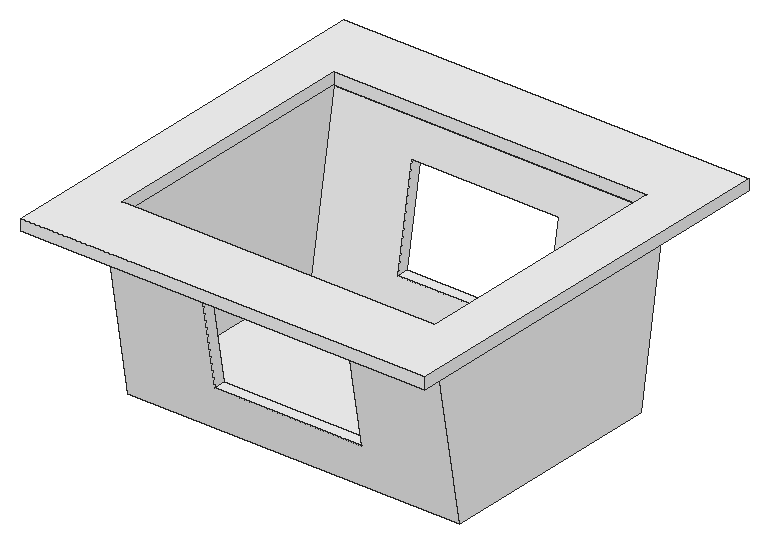
Revit family "Electrical_Equipment-Wall_Box-Hubbell_Wiring-AV_Wall_Enclosure-NSAV62M", category Electrical Fixtures, host Face, Revit 2015
Parameters (values of type "Without Cover")
  Voltage = 0 V
  URL = "http://www.hubbell-wiring.com/"
  Product data url = "https://bimobject.com/hubbellwiring/product/hubbell-nsav62m"
  Product Page URL = "http://ecatalog.hubbell-wiring.com/productinformation/CustomerDrawingLibraryAssets/3A/1%5CHWS12701C.pdf"
  Product Documentation Link = "http://www.hubbell-wiring.com/press/pdfs/HWSLDNS01.pdf"
  Model = "NSAV62M"  # constant formula
  Manufacturer = "Hubbell Wiring Device Kellems"  # constant formula
  Load Classification = Other
  Host Note = "Add in Plan View; Host to Wall"  # constant formula
  Description = "2-Gang In-wall Enclosure"  # constant formula
  Default Elevation = 48.00"
  Cover = no
  Connector [instance] = Plates : NS801W - 1-Port HDMI
  Box Material = Metal - Hubbell - White Powder Coat
  Assembly Code = ""
  Apparent Load = 0 VA
Types (3): name | Cover | Connector
  (no name) | yes | Plates : SFHCBK - HDMI snap fit
  Without Cover | no | Plates : NS801W - 1-Port HDMI
  With Cover | yes | Plates : SFHCBK - HDMI snap fit
Reference planes (in)
  plane 1 "Center (Front/Back)": y = 0
  plane 2: z = 0
  plane 3 "Center (Left/Right)": x = 0
  plane 4: y = 3.96
  plane 5: y = -3.96
  plane 6: x = 3.96
  plane 7: x = -3.96
  plane 8: y = 2.595
  plane 9: y = -2.595
  plane 10: x = 3.065
  plane 11: x = -3.065
  plane 12: x = -3.25
  plane 13: x = 3.25
  plane 14: z = 0.22
  plane 15: z = -3.37
  plane 16: y = -1.44552
  plane 17: y = 1.44552
  plane 18: z = -0.68276
  plane 19: z = -2.57118
  plane 20: y = 2.81449
  plane 21: y = -2.81449
  plane 22: through (0, 2.208, -3.37) normal (0, -0.9842, 0.1771)
  plane 23: through (0, 2.595, 0) normal (0, 0.9842, -0.1771)
  plane 24: through (0, -2.0281, -3.15) normal (0, -0.9842, -0.1771)
  plane 25: through (0, -2.81449, 0) normal (0, 0.9842, 0.1771)
  plane 26: through (0, -2.0281, -3.15) normal (0, -0.9842, -0.1771)
  plane 27: through (0, 2.208, -3.37) normal (0, -0.9842, 0.1771)
  plane 28: through (0, 2.595, 0) normal (0, 0.9842, -0.1771)
  plane 29: z = -3.15
  plane 30: x = -1.445
  plane 31: x = 1.445
Forms (in)
  Extrusion 1, solid, material "Metal - Hubbell - White Powder Coat" <- "Box Material"
    sketch origin (0, 0, 0) x (1, 0, 0) y (0, 1, 0)
      loop
        line (-3.96, 3.96) -> (-3.96, -3.96) -> (3.96, -3.96) -> (3.96, 3.96) -> (-3.96, 3.96)
      loop
        line (-3.065, 2.595) -> (-3.065, -2.595) -> (3.065, -2.595) -> (3.065, 2.595) -> (-3.065, 2.595)
    from 0 to 0.22
  Extrusion 2, solid, material "Metal - Hubbell - White Powder Coat" <- "Box Material"
    sketch origin (3.25, -28.08074, 48) x (0, -1, 0) y (0, 0, -1)
      loop
        line (-25.26625, 48) -> (-25.87274, 51.37) -> (-30.28874, 51.37) -> (-30.89523, 48) -> (-25.26625, 48)
    from 0 to -0.185
  Extrusion 3, solid, material "Metal - Hubbell - White Powder Coat" <- "Box Material"
    sketch origin (-3.25, -28.08074, 48) x (0, -1, 0) y (0, 0, 1)
      loop
        line (-25.26625, -48) -> (-30.89523, -48) -> (-30.28874, -51.37) -> (-25.87274, -51.37) -> (-25.26625, -48)
    from 0 to -0.185
  Extrusion 4, solid, material "Metal - Hubbell - White Powder Coat" <- "Box Material"
    sketch origin (3.065, 24.31681, 48) x (0, 1, 0) y (0, 0, 1)
      loop
        line (-21.72181, -48) -> (-22.28871, -51.15) -> (-26.34491, -51.15) -> (-26.91181, -48) -> (-27.1313, -48) -> (-26.52481, -51.37) -> (-22.10881, -51.37) -> (-21.50232, -48) -> (-21.72181, -48)
    from 0 to -6.13
  Extrusion 5, void
    sketch origin (0, 0, 0) x (0, 1, 0) y (0, 0, 1)
      loop
        line (2.208, -3.37) -> (2.81449, 0) -> (-2.81449, 0) -> (-2.208, -3.37) -> (2.208, -3.37)
    from -3.25 to 3.25
  Extrusion 6, void
    sketch origin (0, 0, 0) x (0, 1, 0) y (0, 0, 1)
      loop
        line (2.13227, -2.57118) -> (2.35176, -2.57118) -> (2.69161, -0.68276) -> (2.47212, -0.68276) -> (2.13227, -2.57118)
    from -1.445 to 1.445
  Extrusion 7, void
    sketch origin (0, 0, 0) x (0, -1, 0) y (0, 0, -1)
      loop
        line (2.13227, 2.57118) -> (2.47212, 0.68276) -> (2.69161, 0.68276) -> (2.35176, 2.57118) -> (2.13227, 2.57118)
    from -1.445 to 1.445
Cuts and joins
  Extrusion 6, Extrusion 7 cuts Extrusion 2
  Extrusion 6, Extrusion 7 cuts Extrusion 3
  Extrusion 6, Extrusion 7 cuts Extrusion 4
  joined: Extrusion 2, Extrusion 3, Extrusion 4
  Extrusion 5 cuts Extrusion 1
Lines and regions (in)
  symbolic lines
    curve 1: line (-3.96, 3.96, 0) -> (3.96, 3.96, 0)
    curve 2: line (-3.96, -3.96, 0) -> (-3.96, 3.96, 0)
    curve 3: line (3.96, -3.96, 0) -> (-3.96, -3.96, 0)
    curve 4: line (3.96, 3.96, 0) -> (3.96, -3.96, 0)
    curve 5: line (-3.065, 2.595, 0) -> (3.065, 2.595, 0)
    curve 6: line (-3.065, -2.595, 0) -> (-3.065, 2.595, 0)
    curve 7: line (3.065, -2.595, 0) -> (-3.065, -2.595, 0)
    curve 8: line (3.065, 2.595, 0) -> (3.065, -2.595, 0)
    curve 9: line (3.25, 0, -3.37) -> (-3.25, 0, -3.37)
    curve 10: line (3.25, 0, 0) -> (3.25, 0, -3.37)
    curve 11: line (-3.25, 0, -3.37) -> (-3.25, 0, 0)
    curve 12: line (-3.96, 0, 0.34) -> (-3.96, 0, 0)
    curve 13: line (3.96, 0, 0.34) -> (-3.96, 0, 0.34)
    curve 14: line (3.96, 0, 0) -> (3.96, 0, 0.34)
    curve 15: line (3.96, 0, 0) -> (-3.96, 0, 0)
    curve 20: line (0, 2.208, -3.37) -> (0, 2.81449, 0)
    curve 21: line (0, -2.81449, 0) -> (0, -2.208, -3.37)
    curve 22: line (0, -2.208, -3.37) -> (0, 2.208, -3.37)
    curve 23: line (0, -3.96, 0.34) -> (0, -3.96, 0)
    curve 24: line (0, 3.96, 0.34) -> (0, -3.96, 0.34)
    curve 25: line (0, 3.96, 0) -> (0, 3.96, 0.34)
    curve 26: line (0, -3.96, 0) -> (0, 3.96, 0)
  symbolic lines, detail levels medium+fine
    curve 16: line (1.445, 0, -0.68276) -> (-1.445, 0, -0.68276)
    curve 17: line (1.445, 0, -2.57118) -> (1.445, 0, -0.68276)
    curve 18: line (-1.445, 0, -2.57118) -> (1.445, 0, -2.57118)
    curve 19: line (-1.445, 0, -0.68276) -> (-1.445, 0, -2.57118)
Dimensions and locks (in)
  equal spacing: plane 5, plane 1 "Center (Front/Back)", plane 4, locked at 3.96 each
  plane 4 to plane 5 = 7.92"
  plane 7 to plane 6 = 7.92"
  equal spacing: plane 7, plane 3 "Center (Left/Right)", plane 6
  equal spacing: plane 9, plane 1 "Center (Front/Back)", plane 8, locked at 2.595 each
  plane 8 to plane 9 = 5.19"
  plane 11 to plane 10 = 6.13"
  equal spacing: plane 11, plane 3 "Center (Left/Right)", plane 10, locked at 3.065 each
  equal spacing: plane 12, plane 3 "Center (Left/Right)", plane 13
  plane 12 to plane 13 = 6.50"
  equal spacing: plane 21, plane 1 "Center (Front/Back)", plane 20, locked at 2.81449 each
  plane 21 to plane 20 = 5.62898"
  locked: Extrusion 2 sketch curve to Extrusion 2 sketch curve at 3.42414  (x2)
  locked: plane 29 to plane 15 at 0.22
  plane 16 to plane 1 "Center (Front/Back)" to plane 17 = 1.44552" locked, 1.44552" locked
  locked: plane 14 to plane 2 at 0.22
  locked: plane 2 to plane 18 at 0.68276
  locked: plane 2 to plane 19 at 2.57118
  locked: plane 2 to plane 15 at 3.37
  equal spacing: plane 31, plane 3 "Center (Left/Right)", plane 30, locked at 1.445 each
  plane 31 to plane 30 = 2.89"
  locked: plane 28 to plane 17 (angle 10.2022°)
  locked: plane 27 to plane 17 (angle 10.2022°)
  locked: plane 16 to plane 26 (angle 10.2022°)
  locked: plane 16 to plane 25 (angle 10.2022°)
  aligned and locked: plane 2 to host face
  aligned and locked: level to host face
  aligned and locked: Extrusion 1 sketch curve to plane 4
  aligned and locked: Extrusion 1 sketch curve to plane 7
  aligned and locked: Extrusion 1 sketch curve to plane 5
  aligned and locked: Extrusion 1 sketch curve to plane 6
  aligned and locked: Extrusion 1 sketch curve to plane 8
  aligned and locked: Extrusion 1 sketch curve to plane 11
  aligned and locked: Extrusion 1 sketch curve to plane 9
  aligned and locked: Extrusion 1 sketch curve to plane 10
  aligned and locked: plane 14 to Extrusion 1
  aligned and locked: Extrusion 1 to plane 2
  aligned and locked: Extrusion 2 sketch curve to plane 2
  aligned and locked: Extrusion 2 sketch curve to plane 15
  aligned and locked: plane 13 to Extrusion 2
  aligned and locked: plane 10 to Extrusion 4
  aligned and locked: plane 11 to Extrusion 4
  aligned and locked: Extrusion 2 to plane 10
  aligned and locked: plane 22 to cut or joined group of Extrusion 2, Extrusion 3, Extrusion 4, Extrusion 6, Extrusion 7
  aligned and locked: plane 23 to cut or joined group of Extrusion 2, Extrusion 3, Extrusion 4, Extrusion 6, Extrusion 7
  aligned and locked: plane 24 to cut or joined group of Extrusion 2, Extrusion 3, Extrusion 4, Extrusion 6, Extrusion 7
  aligned and locked: plane 25 to cut or joined group of Extrusion 2, Extrusion 3, Extrusion 4, Extrusion 6, Extrusion 7
  aligned and locked: plane 27 to cut or joined group of Extrusion 2, Extrusion 3, Extrusion 4, Extrusion 6, Extrusion 7
  aligned and locked: cut or joined group of Extrusion 2, Extrusion 3, Extrusion 4, Extrusion 6, Extrusion 7 to plane 15  (x2)
  aligned and locked: plane 21 to Extrusion 2 sketch curve
  aligned and locked: plane 20 to Extrusion 2 sketch curve
  aligned and locked: Extrusion 4 sketch curve to plane 25
  aligned and locked: Extrusion 4 sketch curve to plane 26
  aligned and locked: Extrusion 4 sketch curve to plane 28
  aligned and locked: Extrusion 4 sketch curve to plane 27
  aligned and locked: Extrusion 4 sketch curve to plane 2
  aligned and locked: plane 2 to Extrusion 4 sketch curve
  aligned and locked: Extrusion 4 sketch curve to plane 29
  aligned and locked: plane 27 to Extrusion 6 sketch curve
  aligned and locked: plane 28 to Extrusion 6 sketch curve
  aligned and locked: plane 19 to Extrusion 6 sketch curve
  aligned and locked: Extrusion 6 sketch curve to plane 18
  aligned and locked: plane 30 to Extrusion 6
  aligned and locked: plane 31 to Extrusion 6
  aligned and locked: Extrusion 7 sketch curve to plane 25
  aligned and locked: Extrusion 7 sketch curve to plane 26
  aligned and locked: Extrusion 7 sketch curve to plane 19
  aligned and locked: plane 18 to Extrusion 7 sketch curve
  aligned and locked: plane 31 to Extrusion 7
  aligned and locked: plane 30 to Extrusion 7
  aligned and locked: cut or joined group of Extrusion 2, Extrusion 3, Extrusion 4, Extrusion 6, Extrusion 7 to curve 5
  aligned and locked: cut or joined group of Extrusion 2, Extrusion 3, Extrusion 4, Extrusion 6, Extrusion 7 to curve 6
  aligned and locked: curve 7 to cut or joined group of Extrusion 2, Extrusion 3, Extrusion 4, Extrusion 6, Extrusion 7
  aligned and locked: curve 9 to cut or joined group of Extrusion 2, Extrusion 3, Extrusion 4, Extrusion 6, Extrusion 7
  aligned and locked: curve 11 to cut or joined group of Extrusion 2, Extrusion 3, Extrusion 4, Extrusion 6, Extrusion 7
  aligned and locked: curve 15 to cut or joined group of Extrusion 2, Extrusion 3, Extrusion 4, Extrusion 6, Extrusion 7
  aligned and locked: curve 20 to cut or joined group of Extrusion 2, Extrusion 3, Extrusion 4, Extrusion 6, Extrusion 7
  aligned and locked: curve 21 to cut or joined group of Extrusion 2, Extrusion 3, Extrusion 4, Extrusion 6, Extrusion 7
  aligned and locked: curve 22 to cut or joined group of Extrusion 2, Extrusion 3, Extrusion 4, Extrusion 6, Extrusion 7
  aligned and locked: curve 26 to cut or joined group of Extrusion 2, Extrusion 3, Extrusion 4, Extrusion 6, Extrusion 7
  aligned and locked: plane 4 to nested 1
  aligned and locked: plane 7 to nested 1
  aligned and locked: plane 5 to nested 1  (x2)
  aligned and locked: plane 6 to nested 1
  aligned and locked: plane 12 to Extrusion 3
  aligned and locked: Extrusion 3 to plane 11
  aligned and locked: cut or joined group of Extrusion 2, Extrusion 3, Extrusion 4, Extrusion 6, Extrusion 7 to plane 25
  aligned and locked: cut or joined group of Extrusion 2, Extrusion 3, Extrusion 4, Extrusion 6, Extrusion 7 to plane 27
  aligned and locked: plane 2 to cut or joined group of Extrusion 2, Extrusion 3, Extrusion 4, Extrusion 6, Extrusion 7
  aligned and locked: curve 2 to plane 7
  aligned and locked: curve 1 to plane 4
  aligned and locked: curve 4 to plane 6
  aligned and locked: curve 3 to plane 5
  aligned and locked: Extrusion 5 sketch curve to cut or joined group of Extrusion 2, Extrusion 3, Extrusion 4, Extrusion 6, Extrusion 7  (x3)
  aligned and locked: curve 24 to nested 1
  aligned and locked: curve 13 to nested 1
  aligned and locked: curve 10 to plane 13
  aligned and locked: plane 6 to curve 14
  aligned and locked: curve 16 to plane 18
  aligned and locked: curve 17 to plane 31
  aligned and locked: plane 19 to curve 18
  aligned and locked: curve 19 to plane 30
  aligned and locked: curve 12 to plane 7
  aligned and locked: curve 25 to plane 4
  aligned and locked: curve 23 to plane 5
  aligned and locked: plane 12 to Extrusion 5
  aligned and locked: plane 13 to Extrusion 5
Automatic sketch dimensions
  host sketch curve to host sketch curve = 96.00"  (x2)
  level to Extrusion 3 sketch curve = 0.00"
  plane 20 to Extrusion 3 sketch curve = 0.00"
  Extrusion 3 sketch curve to plane 15 = 0.00"
  Extrusion 3 sketch curve to plane 22 = 0.00"
  Extrusion 3 sketch curve to plane 25 = 0.00"
  plane 21 to Extrusion 3 sketch curve = 0.00"
  Extrusion 4 sketch curve to plane 15 = 0.00"
  Extrusion 5 sketch curve to level = 0.00"
  curve 5 to plane 10 = 0.00"
Nested families (in)
  nested 1: "Cover" at (0, 0, 0.22), visible <- "Cover", type "Cover"
  nested 2: "Plates" at (-6.91, -2.57188, 0), type "NS801W - 1-Port HDMI"
Connectors (in)
  electrical at (0, 0, -3.37), driven by "Voltage", driven by "Apparent Load", driven by "Load Classification"
    settings: on cut or joined group of Extrusion 2, Extrusion 3, Extrusion 4, Extrusion 6, Extrusion 7, index 1, voltage 0 V, apparent load 0 VA, apparent load phase1 0 VA, apparent load phase2 0 VA, apparent load phase3 0 VA, power factor 1, load classification "Other", number of poles 1, system type 30, power factor state 1, is connector primary yes, connector utility no, sub classification motor no, connector description "Power Connector"
  electrical at (0, 0, -3.37)
    settings: on cut or joined group of Extrusion 2, Extrusion 3, Extrusion 4, Extrusion 6, Extrusion 7, index 2, voltage 0 V, apparent load 0 VA, apparent load phase1 0 VA, apparent load phase2 0 VA, apparent load phase3 0 VA, power factor 1, load classification "Other", number of poles 1, system type 5, power factor state 1, is connector primary no, connector utility no, sub classification motor no, connector description "Data Connector"
Definition of nested family "Cover"
  Parameters
    URL = "http://www.hubbell-wiring.com/"
    Product Page URL = "http://www.hubbell-wiring.com/press/pdfs/HWSLDNS01.pdf"
    Product Documentation Link = "http://www.hubbell-wiring.com/press/pdfs/HWSLDNS01.pdf"
    Model = "NSAV6C"
    Manufacturer = "Hubbell Wiring Device Kellems"  # constant formula
    Host Note = "Add in Plan View; Host to Wall"  # constant formula
    Description = "Steel Cover for NSAV6 series "  # constant formula
    Default Elevation = 48.00"
    Cover = no
    Box Material = none
    Assembly Code = ""
  Reference planes (in)
    plane 1 "Center (Front/Back)": y = 0
    plane 2: z = 0
    plane 3 "Center (Left/Right)": x = 0
    plane 4: y = 3.96
    plane 5: y = -3.96
    plane 6: x = 3.96
    plane 7: x = -3.96
    plane 8: z = 0.12
  Forms (in)
    Extrusion 1, solid
      sketch origin (0, 0, 0) x (1, 0, 0) y (0, 1, 0)
        loop
          line (-48, 48) -> (-48, -48) -> (48, -48) -> (48, 48) -> (-48, 48)
      from 0 to -12
    Extrusion 2, solid, material <- "Box Material"
      sketch origin (0, 0, 0) x (1, 0, 0) y (0, 1, 0)
        loop
          line (-3.96, 3.96) -> (-3.96, -3.96) -> (-2.565, -3.96)
          arc (-2.565, -3.96) -> (-2.21145, -3.81355) -> (-2.065, -3.46) r 0.5
          line (-2.065, -3.46) -> (-2.065, -2.74096)
          arc (-2.065, -2.74096) -> (-1.84533, -2.21063) -> (-1.315, -1.99096) r 0.75
          line (-1.315, -1.99096) -> (0, -1.99096) -> (1.315, -1.99096)
          arc (1.315, -1.99096) -> (1.84533, -2.21063) -> (2.065, -2.74096) r 0.75
          line (2.065, -2.74096) -> (2.065, -3.46)
          arc (2.065, -3.46) -> (2.21145, -3.81355) -> (2.565, -3.96) r 0.5
          line (2.565, -3.96) -> (3.96, -3.96) -> (3.96, 3.96) -> (-3.96, 3.96)
        loop
          circle (-3.54381, 3.53777) r 0.14622
        loop
          circle (3.54381, 3.53777) r 0.14622
        loop
          circle (-3.54381, -3.53777) r 0.14622
        loop
          circle (3.54381, -3.53777) r 0.14622
      from 0 to 0.12
  Lines and regions (in)
    symbolic lines
      curve 1: line (3.96, 3.96, 0) -> (-3.96, 3.96, 0)
      curve 2: line (3.96, -3.96, 0) -> (3.96, 3.96, 0)
      curve 3: line (2.565, -3.96, 0) -> (3.96, -3.96, 0)
      curve 4: arc (2.065, -3.46, 0) -> (2.21145, -3.81355, 0) -> (2.565, -3.96, 0) r 0.5
      curve 5: line (2.065, -2.74096, 0) -> (2.065, -3.46, 0)
      curve 6: arc (1.315, -1.99096, 0) -> (1.84533, -2.21063, 0) -> (2.065, -2.74096, 0) r 0.75
      curve 7: line (0, -1.99096, 0) -> (1.315, -1.99096, 0)
      curve 8: line (-1.315, -1.99096, 0) -> (0, -1.99096, 0)
      curve 9: arc (-2.065, -2.74096, 0) -> (-1.84533, -2.21063, 0) -> (-1.315, -1.99096, 0) r 0.75
      curve 10: line (-2.065, -3.46, 0) -> (-2.065, -2.74096, 0)
      curve 11: arc (-2.565, -3.96, 0) -> (-2.21145, -3.81355, 0) -> (-2.065, -3.46, 0) r 0.5
      curve 12: line (-3.96, -3.96, 0) -> (-2.565, -3.96, 0)
      curve 13: line (-3.96, 3.96, 0) -> (-3.96, -3.96, 0)
      curve 14: arc (-3.39759, 3.53777, 0) -> (-3.54381, 3.39155, 0) -> (-3.69004, 3.53777, 0) r 0.14622
      curve 15: arc (-3.69004, 3.53777, 0) -> (-3.54381, 3.684, 0) -> (-3.39759, 3.53777, 0) r 0.14622
      curve 16: arc (3.69004, 3.53777, 0) -> (3.54381, 3.39155, 0) -> (3.39759, 3.53777, 0) r 0.14622
      curve 17: arc (3.39759, 3.53777, 0) -> (3.54381, 3.684, 0) -> (3.69004, 3.53777, 0) r 0.14622
      curve 18: arc (3.39759, -3.53777, 0) -> (3.54381, -3.39155, 0) -> (3.69004, -3.53777, 0) r 0.14622
      curve 19: arc (3.69004, -3.53777, 0) -> (3.54381, -3.684, 0) -> (3.39759, -3.53777, 0) r 0.14622
      curve 20: arc (-3.39759, -3.53777, 0) -> (-3.54381, -3.684, 0) -> (-3.69004, -3.53777, 0) r 0.14622
      curve 21: arc (-3.69004, -3.53777, 0) -> (-3.54381, -3.39155, 0) -> (-3.39759, -3.53777, 0) r 0.14622
      curve 22: line (3.96, 0, 0.12) -> (-3.96, 0, 0.12)
      curve 23: line (3.96, 0, 0) -> (3.96, 0, 0.12)
      curve 24: line (-3.96, 0, 0) -> (3.96, 0, 0)
      curve 25: line (-3.96, 0, 0.12) -> (-3.96, 0, 0)
      curve 26: line (0, 3.96, 0.12) -> (0, -3.96, 0.12)
      curve 27: line (0, 3.96, 0) -> (0, 3.96, 0.12)
      curve 28: line (0, -3.96, 0) -> (0, 3.96, 0)
      curve 29: line (0, -3.96, 0.12) -> (0, -3.96, 0)
  Dimensions and locks (in)
    equal spacing: plane 5, plane 1 "Center (Front/Back)", plane 4, locked at 3.96 each
    plane 4 to plane 5 = 7.92"
    plane 7 to plane 6 = 7.92"
    equal spacing: plane 7, plane 3 "Center (Left/Right)", plane 6
    locked: Extrusion 1 to plane 8 at 0.12
    aligned and locked: plane 2 to Extrusion 1
    aligned and locked: level to Extrusion 1
    aligned and locked: plane 7 to Extrusion 2
    aligned and locked: plane 4 to Extrusion 2
    aligned and locked: plane 6 to Extrusion 2
    aligned and locked: plane 5 to Extrusion 2  (x2)
    aligned and locked: curve 4 to Extrusion 2
    aligned and locked: curve 6 to Extrusion 2
    aligned and locked: curve 7 to Extrusion 2
    aligned and locked: curve 9 to Extrusion 2
    aligned and locked: curve 11 to Extrusion 2
    aligned and locked: curve 14 to Extrusion 2
    aligned and locked: curve 15 to Extrusion 2
    aligned and locked: curve 16 to Extrusion 2
    aligned and locked: curve 17 to Extrusion 2
    aligned and locked: curve 18 to Extrusion 2
    aligned and locked: curve 19 to Extrusion 2
    aligned and locked: curve 20 to Extrusion 2
    aligned and locked: curve 21 to Extrusion 2
    aligned and locked: plane 8 to Extrusion 2
    aligned and locked: Extrusion 2 to Extrusion 1
    aligned and locked: curve 22 to Extrusion 2
    aligned and locked: curve 23 to Extrusion 2
    aligned and locked: curve 24 to Extrusion 2
    aligned and locked: curve 25 to Extrusion 2
    aligned and locked: curve 26 to Extrusion 2
    aligned and locked: curve 27 to Extrusion 2
    aligned and locked: curve 28 to Extrusion 2
    aligned and locked: curve 29 to Extrusion 2
  Automatic sketch dimensions
    Extrusion 1 sketch curve to Extrusion 1 sketch curve = 96.00"  (x2)
    curve 8 to plane 3 "Center (Left/Right)" = 0.00"
    plane 5 to Extrusion 2 sketch curve = 0.00"  (x2)
    Extrusion 2 sketch curve to plane 4 = 0.00"
    Extrusion 2 sketch curve to plane 3 "Center (Left/Right)" = 0.00"
    Extrusion 2 sketch curve to plane 6 = 0.00"
    Extrusion 2 sketch curve to plane 7 = 0.41619"  (x2)
    Extrusion 2 sketch curve to Extrusion 2 sketch curve = 1.395"
    Extrusion 2 sketch curve to Extrusion 2 sketch curve = 0.50"
    Extrusion 2 sketch curve to Extrusion 2 sketch curve = 0.75"  (x2)
    plane 3 "Center (Left/Right)" to Extrusion 2 sketch curve = 1.315"
    Extrusion 2 sketch curve to plane 5 = 0.50"
    Extrusion 2 sketch curve to Extrusion 2 sketch curve = 0.71904"
    curve 1 to plane 4 = 0.00"
    curve 2 to plane 6 = 0.00"
    curve 13 to plane 7 = 0.00"
    Extrusion 2 sketch curve to plane 6 = 0.41619"  (x2)
    Extrusion 2 sketch curve to plane 5 = 0.42223"
    Extrusion 2 sketch curve to plane 4 = 0.42223"  (x2)
    Extrusion 2 sketch curve to plane 7 = 0.00"
    Extrusion 2 sketch curve to Extrusion 2 sketch curve = 0.42223"
    radius of Extrusion 2 sketch curve = 0.14622"  (x4)
Definition of nested family "Plates"
  Parameters
    URL = ""
    Product Documentation Link = ""
    Model = "SFRCRFFW"
    Manufacturer = "Hubbell-Wiring"  # constant formula
    Description = "RCA snap fit yellow interior"
    Assembly Code = ""
  Reference planes (in)
    plane 1 "Center (Front/Back)": y = 0
    plane 2: z = 0
    plane 3 "Center (Left/Right)": x = 0
  Dimensions and locks (in)
    aligned and locked: plane 2 to level
